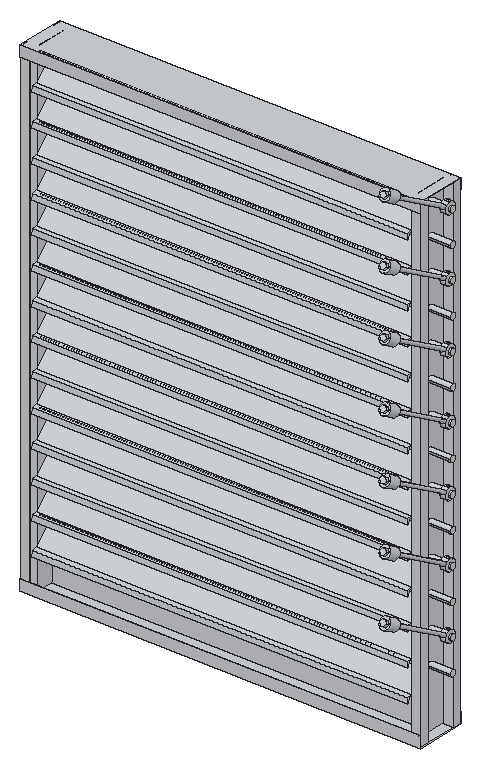
Revit family "HCB-750", category Mechanical Equipment, Revit 2015
Parameters
  Weight Spacing = 0' - 5 3/4"
  Weight Number [instance] = Blade Number / 2  # 7
  URL = "http://unitedenertech.com/catalog/pdf/F_12,13%20Model%20HCB-750.pdf"
  Type Comments = "Max. Single Section Size is (48\"w x 48\"h)"
  Model = "HCB-750"
  Manufacturer = "United Enertech Corporation"
  Keynote = "This model is only a representation of the product, blade position will vary from built dampers."
  Exact Width = 3' - 0"
  Exact Height = 3' - 8"
  Description = "Heavy Duty Backdraft Damper"
  Blade Spacing = 0' - 2 7/8"
  Blade Number [instance] = rounddown((Exact Height - 0' 1 5/8") / Blade Spacing)  # 14
  BW [instance] = Exact Width - 0' 2 1/4"  # 2' - 9 3/4"
Reference planes (in)
  plane 1 "Center (Front/Back)": y = 0
  plane 2: z = 0
  plane 3 "Center (Left/Right)": x = 0
  plane 4: x = -18
  plane 5: x = 18
  plane 6: z = 44
  plane 7: z = 0.059
  plane 8: z = 43.941
  plane 9: x = -16.965
  plane 10: x = 16.965
  plane 11: z = 43.191
  plane 12: x = 18.875
  plane 13: z = 43.32034
Forms (in)
  Extrusion 1, solid
    sketch origin (-6.35008, 42.17413, 0) x (0, 1, 0) y (-1, 0, 0)
      loop
        line (-42.05613, 10.85592) -> (-42.05613, 11.59092) -> (-41.44413, 11.59092) -> (-41.44413, 10.61492) -> (-38.40413, 10.61492) -> (-38.40413, 11.59092) -> (-37.79213, 11.59092) -> (-37.79213, 10.85592) -> (-37.73313, 10.85592) -> (-37.73313, 11.64992) -> (-38.46313, 11.64992) -> (-38.46313, 10.67392) -> (-41.38513, 10.67392) -> (-41.38513, 11.64992) -> (-42.11513, 11.64992) -> (-42.11513, 10.85592) -> (-42.05613, 10.85592)
    from 0.059 to 43.941
  Extrusion 2, solid
    sketch origin (-40.84878, 49.09878, 11.67199) x (0, 1, 0) y (0, 0, -1)
      loop
        line (-49.03978, 11.61299) -> (-44.65778, 11.61299) -> (-44.65778, 10.67199) -> (-44.59878, 10.67199) -> (-44.59878, 11.67199) -> (-49.09878, 11.67199) -> (-49.09878, 10.67199) -> (-49.03978, 10.67199) -> (-49.03978, 11.61299)
    from -58.84878 to -22.84878
  Extrusion 3, solid
    sketch origin (-46.23015, 49.09878, 24.32801) x (0, 1, 0) y (0, 0, 1)
      loop
        line (-49.03978, 19.61299) -> (-44.65778, 19.61299) -> (-44.65778, 18.67199) -> (-44.59878, 18.67199) -> (-44.59878, 19.67199) -> (-49.09878, 19.67199) -> (-49.09878, 18.67199) -> (-49.03978, 18.67199) -> (-49.03978, 19.61299)
    from 28.23015 to 64.23015
  Extrusion 4, solid
    sketch origin (6.35008, 42.17413, 0) x (0, 1, 0) y (-1, 0, 0)
      loop
        line (-42.05613, -10.85592) -> (-42.11513, -10.85592) -> (-42.11513, -11.64992) -> (-41.38513, -11.64992) -> (-41.38513, -10.67392) -> (-38.46313, -10.67392) -> (-38.46313, -11.64992) -> (-37.73313, -11.64992) -> (-37.73313, -10.85592) -> (-37.79213, -10.85592) -> (-37.79213, -11.59092) -> (-38.40413, -11.59092) -> (-38.40413, -10.61492) -> (-41.44413, -10.61492) -> (-41.44413, -11.59092) -> (-42.05613, -11.59092) -> (-42.05613, -10.85592)
    from 0.059 to 43.941
  Extrusion 5, solid
    sketch origin (0, -0.00968, 0) x (0, 1, 0) y (0, 0, 1)
      loop
        line (2.25968, 2.85461) -> (2.25968, 0.059) -> (3.00968, 0.059) -> (3.00968, 0.119) -> (2.31968, 0.119) -> (2.31968, 2.85461) -> (2.25968, 2.85461)
    from -16.965 to 16.965
Dimensions and locks (in)
  equal spacing: plane 4, plane 3 "Center (Left/Right)", plane 5
  "Exact Width": plane 4 to plane 5
  "Exact Height": plane 6 to level
  locked: plane 7 to level at 0.059
  locked: plane 6 to plane 8 at 0.059
  locked: plane 4 to plane 9 at 1.035
  locked: plane 10 to plane 5 at 1.035
  locked: plane 6 to plane 11 at 0.809
  equal spacing: group 1, group 2, group 3, group 4, group 5, group 6, group 7, group 8, group 9, group 10, group 11, group 14, group 15, group 16  (x2)
  equal spacing: group 16, group 15, group 14, group 11, group 10, group 9, group 8, group 7, group 6, group 5, group 4, group 3, group 2, group 1
  "Blade Spacing": nested 1 to nested 2
  locked: plane 5 to plane 12 at 0.875
  locked: plane 6 to plane 13 at 0.67966
  equal spacing: group 12, group 13, group 17, group 18, group 19, group 20, group 21  (x2)
  equal spacing: group 21, group 20, group 19, group 18, group 17, group 13, group 12
  "Weight Spacing": nested 12 to nested 13
  aligned and locked: level to plane 2
  aligned and locked: plane 6 to Extrusion 3
  aligned and locked: plane 5 to Extrusion 3
  aligned and locked: plane 4 to Extrusion 3
  aligned and locked: plane 5 to Extrusion 2
  aligned and locked: plane 4 to Extrusion 2
  aligned and locked: Extrusion 4 to plane 7
  aligned and locked: Extrusion 1 to plane 7
  aligned and locked: plane 8 to Extrusion 1
  aligned and locked: plane 8 to Extrusion 4
  aligned and locked: plane 3 "Center (Left/Right)" to nested 1
  aligned and locked: plane 11 to nested 1
  aligned and locked: Extrusion 5 to plane 9
  aligned and locked: plane 10 to Extrusion 5
  aligned and locked: plane 12 to nested 12
  aligned and locked: plane 13 to nested 12
  aligned and locked: nested 13 to nested 12
Automatic sketch dimensions
  Extrusion 1 sketch curve to plane 4 = 0' - 0"  (x2)
  Extrusion 1 sketch curve to plane 1 "Center (Front/Back)" = 0' - 0.059"
  Extrusion 1 sketch curve to Extrusion 1 sketch curve = 0' - 0.059"  (x5)
  Extrusion 1 sketch curve to Extrusion 1 sketch curve = 0' - 0.612"  (x2)
  Extrusion 1 sketch curve to plane 4 = 0' - 0.976"
  Extrusion 1 sketch curve to Extrusion 1 sketch curve = 0' - 2.922"
  Extrusion 1 sketch curve to Extrusion 1 sketch curve = 0' - 0.241"  (x2)
  Extrusion 1 sketch curve to plane 4 = 0' - 0.059"  (x2)
  Extrusion 2 sketch curve to plane 1 "Center (Front/Back)" = 0' - 0"
  Extrusion 2 sketch curve to level = 0' - 0"
  Extrusion 2 sketch curve to plane 1 "Center (Front/Back)" = 0' - 0.059"
  level to Extrusion 2 sketch curve = 0' - 0.059"
  Extrusion 2 sketch curve to Extrusion 2 sketch curve = 0' - 4.382"
  Extrusion 2 sketch curve to Extrusion 2 sketch curve = 0' - 0.059"
  Extrusion 2 sketch curve to Extrusion 2 sketch curve = 0' - 0.941"  (x2)
  Extrusion 3 sketch curve to plane 1 "Center (Front/Back)" = 0' - 0"
  Extrusion 3 sketch curve to plane 6 = 0' - 0"
  Extrusion 3 sketch curve to plane 1 "Center (Front/Back)" = 0' - 0.059"
  Extrusion 3 sketch curve to plane 6 = 0' - 0.059"
  Extrusion 3 sketch curve to Extrusion 3 sketch curve = 0' - 4.382"
  Extrusion 3 sketch curve to Extrusion 3 sketch curve = 0' - 0.059"
  Extrusion 3 sketch curve to Extrusion 3 sketch curve = 0' - 0.941"  (x2)
  Extrusion 4 sketch curve to plane 5 = 0' - 0"  (x2)
  plane 1 "Center (Front/Back)" to Extrusion 4 sketch curve = 0' - 0.059"
  Extrusion 4 sketch curve to Extrusion 4 sketch curve = 0' - 0.059"  (x5)
  Extrusion 4 sketch curve to Extrusion 4 sketch curve = 0' - 0.612"  (x2)
  plane 5 to Extrusion 4 sketch curve = 0' - 0.976"
  Extrusion 4 sketch curve to Extrusion 4 sketch curve = 0' - 2.922"
  Extrusion 4 sketch curve to Extrusion 4 sketch curve = 0' - 0.241"  (x2)
  plane 5 to Extrusion 4 sketch curve = 0' - 0.059"  (x2)
  Extrusion 5 sketch curve to plane 7 = 0' - 0"
  Extrusion 5 sketch curve to plane 1 "Center (Front/Back)" = 0' - 2 1/4"
  Extrusion 5 sketch curve to Extrusion 5 sketch curve = 0' - 0.06"  (x2)
  Extrusion 5 sketch curve to Extrusion 5 sketch curve = 0' - 0.69"
  Extrusion 5 sketch curve to Extrusion 5 sketch curve = 0' - 2.73561"
Nested families (in)
  nested 1: "HCB750Blade" at (0, 1.19816, 41.04409), type "HCB750Blade"
    with Blade Width 2' - 9 3/4"
  nested 2: "HCB750Blade" at (0, 1.19816, 38.16909), type "HCB750Blade"
    with Blade Width 2' - 9 3/4"
  nested 3: "HCB750Blade" at (0, 1.19816, 35.29409), type "HCB750Blade"
    with Blade Width 2' - 9 3/4"
  nested 4: "HCB750Blade" at (0, 1.19816, 32.41909), type "HCB750Blade"
    with Blade Width 2' - 9 3/4"
  nested 5: "HCB750Blade" at (0, 1.19816, 29.54409), type "HCB750Blade"
    with Blade Width 2' - 9 3/4"
  nested 6: "HCB750Blade" at (0, 1.19816, 26.66909), type "HCB750Blade"
    with Blade Width 2' - 9 3/4"
  nested 7: "HCB750Blade" at (0, 1.19816, 23.79409), type "HCB750Blade"
    with Blade Width 2' - 9 3/4"
  nested 8: "HCB750Blade" at (0, 1.19816, 20.91909), type "HCB750Blade"
    with Blade Width 2' - 9 3/4"
  nested 9: "HCB750Blade" at (0, 1.19816, 18.04409), type "HCB750Blade"
    with Blade Width 2' - 9 3/4"
  nested 10: "HCB750Blade" at (0, 1.19816, 15.16909), type "HCB750Blade"
    with Blade Width 2' - 9 3/4"
  nested 11: "HCB750Blade" at (0, 1.19816, 12.29409), type "HCB750Blade"
    with Blade Width 2' - 9 3/4"
  nested 12: "ICBWEIGHT" at (16.10811, -2.25932, 40.91248), type "ICBWEIGHT"
  nested 13: "ICBWEIGHT" at (16.10811, -2.25932, 35.16248), type "ICBWEIGHT"
  nested 14: "HCB750Blade" at (0, 1.19816, 9.41909), type "HCB750Blade"
    with Blade Width 2' - 9 3/4"
  nested 15: "HCB750Blade" at (0, 1.19816, 6.54409), type "HCB750Blade"
    with Blade Width 2' - 9 3/4"
  nested 16: "HCB750Blade" at (0, 1.19816, 3.66909), type "HCB750Blade"
    with Blade Width 2' - 9 3/4"
  nested 17: "ICBWEIGHT" at (16.10811, -2.25932, 29.41248), type "ICBWEIGHT"
  nested 18: "ICBWEIGHT" at (16.10811, -2.25932, 23.66248), type "ICBWEIGHT"
  nested 19: "ICBWEIGHT" at (16.10811, -2.25932, 17.91248), type "ICBWEIGHT"
  nested 20: "ICBWEIGHT" at (16.10811, -2.25932, 12.16248), type "ICBWEIGHT"
  nested 21: "ICBWEIGHT" at (16.10811, -2.25932, 6.41248), type "ICBWEIGHT"
Definition of nested family "HCB750Blade"
  Parameters (values of type "HCB750Blade")
    Blade Width = 2' - 0"
  Reference planes (in)
    plane 1 "Center (Front/Back)": y = 0
    plane 2: z = 0
    plane 3 "Center (Left/Right)": x = 0
    plane 4: x = -12
    plane 5: x = 12
    plane 6: x = -13
    plane 7: x = 14.25
  Forms (in)
    Extrusion 1, solid
      sketch origin (-1.32874, -4.64924, -1.37691) x (0, 1, 0) y (0, 0, 1)
        loop
          line (3.45021, 0.93314) -> (3.48727, 1.35246) -> (3.93042, 1.40528) -> (5.39623, 2.87109) -> (5.39623, 3.46482) -> (5.94887, 3.46482) -> (5.94887, 3.52382) -> (5.33739, 3.52382) -> (5.33739, 2.89576) -> (3.90306, 1.46144) -> (3.43272, 1.40538) -> (3.39144, 0.93834) -> (3.45021, 0.93314)
      from -10.67126 to 13.32874
    Extrusion 2, solid
      sketch origin (-1.32874, -4.64924, -1.37691) x (0, 1, 0) y (0, 0, 1)
        loop
          circle (5.70108, 3.16833) r 0.25
      from -11.67126 to 15.57874
  Dimensions and locks (in)
    equal spacing: plane 4, plane 3 "Center (Left/Right)", plane 5
    "Blade Width": plane 4 to plane 5
    locked: plane 6 to plane 4 at 1
    locked: plane 5 to plane 7 at 2.25
    aligned and locked: level to plane 2
    aligned and locked: plane 4 to Extrusion 1
    aligned and locked: plane 5 to Extrusion 1
    aligned and locked: plane 6 to Extrusion 2
    aligned and locked: Extrusion 2 to plane 7
  Automatic sketch dimensions
    Extrusion 1 sketch curve to level = 0' - 0.43857"
    plane 1 "Center (Front/Back)" to Extrusion 1 sketch curve = 0' - 1 33/128"
    level to Extrusion 1 sketch curve = 0' - 0.02847"
    Extrusion 1 sketch curve to Extrusion 1 sketch curve = 0' - 0.04128"
    Extrusion 1 sketch curve to level = 0' - 0.44377"
    Extrusion 1 sketch curve to level = 0' - 0.02445"
    level to Extrusion 1 sketch curve = 0' - 0.08453"
    Extrusion 1 sketch curve to Extrusion 1 sketch curve = 0' - 0.41579"
    level to Extrusion 1 sketch curve = 0' - 0.02837"
    Extrusion 1 sketch curve to Extrusion 1 sketch curve = 0' - 0 7/256"
    Extrusion 1 sketch curve to plane 1 "Center (Front/Back)" = 0' - 0.68814"
    Extrusion 1 sketch curve to Extrusion 1 sketch curve = 0' - 0.05884"
    Extrusion 1 sketch curve to Extrusion 1 sketch curve = 0' - 0.55264"
    level to Extrusion 1 sketch curve = 0' - 1.49418"
    Extrusion 1 sketch curve to Extrusion 1 sketch curve = 0' - 0.02467"
    Extrusion 1 sketch curve to Extrusion 1 sketch curve = 0' - 0 19/32"
    Extrusion 1 sketch curve to Extrusion 1 sketch curve = 0' - 0.059"
    Extrusion 2 sketch curve to plane 1 "Center (Front/Back)" = 0' - 1.05184"
    level to Extrusion 2 sketch curve = 0' - 1.79142"
    radius of Extrusion 2 sketch curve = 0' - 0 1/4"
Definition of nested family "ICBWEIGHT"
  Reference planes (in)
    plane 1 "Center (Front/Back)": y = 0
    plane 2: z = 0
    plane 3 "Center (Left/Right)": x = 0
  Forms (in)
    Extrusion 1, solid
      sketch origin (4.98495, 6.38014, 21.32465) x (0, -0.5, -0.866025) y (-1, 0, 0)
        loop
          circle (17.74334, 2.46532) r 0.15625
      from 0 to 7.75
    Extrusion 2, solid
      sketch origin (4.98495, 6.16364, 21.44965) x (0, -0.5, -0.866025) y (-1, 0, 0)
        loop
          line (17.74334, 2.16756) -> (17.99334, 2.31189) -> (17.99334, 2.60057) -> (17.74334, 2.74491) -> (17.49334, 2.60057) -> (17.49334, 2.31189) -> (17.74334, 2.16756)
      from 0 to 0.25
    Extrusion 3, solid
      sketch origin (2.26689, 12.21794, 20.20438) x (0, -0.5, -0.866025) y (0, 0.866025, -0.5)
        loop
          circle (19.69206, 2.46806) r 0.2565
        loop
          line (19.2202, 2.30268) -> (19.3129, 2.14212)
          arc (19.3129, 2.14212) -> (20.12507, 2.71806) -> (19.2202, 2.30268) r 0.5
      from 0 to 0.5
    Extrusion 4, solid
      sketch origin (4.98495, -12.37573, -13.41147) x (0, 0.5, 0.866025) y (-1, 0, 0)
        loop
          circle (21.71696, 2.46806) r 0.1925
        loop
          circle (21.71696, 2.46806) r 0.5
      from 0 to 1.125
  Dimensions and locks (in)
    aligned and locked: level to plane 2
